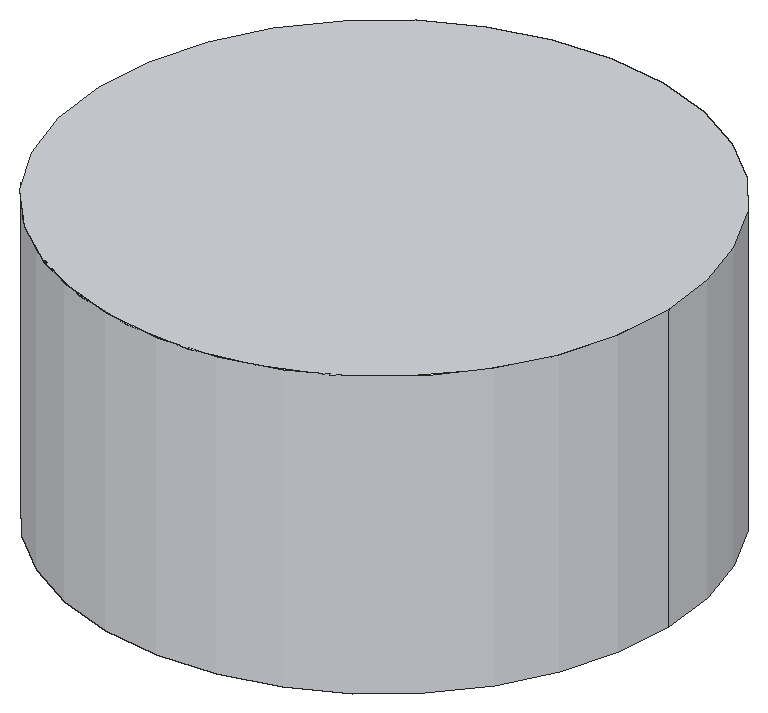
Revit family "ASF-12-C8", category Mechanical Equipment, Revit 2023
Family settings
  Round Connector Dimension = Use Diameter
  Classification = None
  Part Type = Normal
  OmniClass Number = 23.75.00.00
  OmniClass Title = Climate Control (HVAC)
  Work Plane-Based = No
  Always vertical = Yes
  Cut with Voids When Loaded = No
  Maintain Annotation Orientation = No
  Shared = No
  Room Calculation Point = No
Parameters (values of type "Standard")
  Default Elevation = 0' - 0"
  Connector_1_Diameter = 0' - 11 3/4"
Reference planes (in)
  plane 1 "Center (Front/Back)": y = 0
  plane 2: z = 0
  plane 3 "Center (Left/Right)": x = 0
Forms (in)
  Extrusion 1, solid
    sketch origin (0, 0, -16.46769) x (1, 0, 0) y (0, 1, 0)
      loop
        circle (0, 0) r 0.12
    from 0 to -0.12
Dimensions and locks (in)
  aligned and locked: plane 2 to level
Connectors (in)
  hvac at (0, 0, -16.46769), driven by "Connector_1_Diameter"
    settings: on Extrusion 1, index 1, duct flow 0 CFM, flow factor 0, pres drop 0.00 in-wg, loss coef 0, conn angle 0.00°, conn width 12", conn height 12", conn diameter 11 3/4", duct sys type 3, conn prof type 0, flow config 1, flow direction 1, loss method 0, conn ref index -1, conn util no, is conn primary yes, conn desc ""
